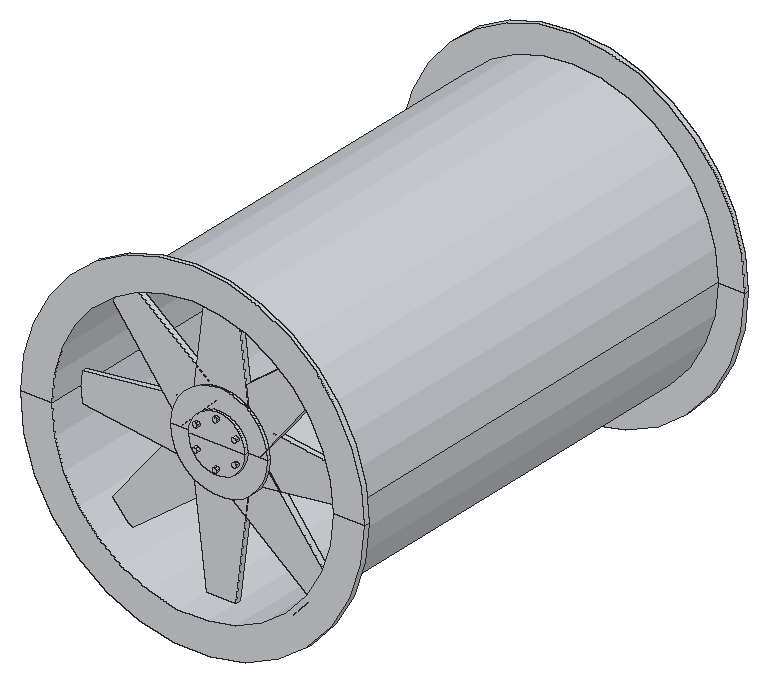
Revit family "CADS_Vent-Axia_MechEquip_Fan_BIFA_315_1Ph4P - EXTRACT", category Mechanical Equipment, Revit 2020
Family settings
  Round Connector Dimension = Use Diameter
  Part Type = Normal
  OmniClass Number = 23.75.00.00
  OmniClass Title = Climate Control (HVAC)
  Work Plane-Based = No
  Always vertical = Yes
  Cut with Voids When Loaded = No
  Shared = No
  Room Calculation Point = No
Parameters (values of type "BIFA311438")
  WorkingPressure = 0.0 Pa
  WarrantyStartDate [instance] = "1900-12-31T23:59:59"
  WarrantyPeriod = ""
  WarrantyIdentifier = "N/A"
  WarrantyGuarantorParts = "tech@vent-axia.com"
  WarrantyGuarantorLabor = "tech@vent-axia.com"
  WarrantyGuarantor = "Vent-Axia Limited"
  WarrantyEndDate [instance] = "1900-12-31T23:59:59"
  WarrantyContent = ""
  TemperatureRange = ""
  TagNumber [instance] = "N/A"
  SustainabilityPerformance = ""
  Status = "New"
  Size = ""
  Shape = ""
  ServiceLifeType = ""
  ServiceLifeDuration = ""
  SerialNumber [instance] = "N/A"
  ReplacementCost = ""
  RatedVoltage = 0 V
  RatedCurrent = 0 A
  Quantity = 1
  ProductionYear = ""
  PressureCurve = ""
  PowerFactor = ""
  PointOfContact = ""
  NumberOfPoles = 0
  NominalWidth = 315 mm
  NominalLength = 535 mm
  NominalHeight = 315 mm
  NominalFrequencyRange = ""
  NominalDiameter = 315 mm
  ModelReference = "BIF 315MM 1PH 4P 38DEG"
  ModelNumber = "BIFA311438"
  Material = ""
  ManufacturerE-Mail = "tech@vent-axia.com"
  ManufacturerAddress = "Fleming Way\nCrawley \nRH10 9YX"
  IsExtendedWarranty = no
  InsulationStandardClass = ""
  InstallationDate [instance] = "1900-12-31T23:59:59"
  IfcExportType [instance] = ""
  IfcExportAs = "IfcFanType"
  IP_Code = ""
  HasProtectiveEarth = no
  GrossWeight = 0.00 kg
  Grade = ""
  GlobalTradeItemNumber [instance] = "N/A"
  Fitting Type = "Ignore"
  Finish = ""
  Features = ""
  ExteriorInsulation = no
  ExpectedServiceLife = 0
  Exclusions = ""
  DurationUnit = "Year"
  Default Elevation = 0 mm
  Constituents = ""
  ConductorFunction = ""
  Color = ""
  CodePerformance = ""
  Category = ""
  CADS_Usage = 0
  CADS_Index = 0
  AssetType = "FIXED"
  AssetIdentifier [instance] = "N/A"
  AssemblyPlace = "UNKNOWN"
  ArticleNumber [instance] = "N/A"
  AirflowRateRange = 0.0 L/s
  Air Flow [instance] = 0.0 L/s
  AccessibilityPerformance = ""
Types (15, lengths in mm): name | ModelReference | ModelNumber
  BIFA311410 | "BIF 315MM 1PH 4P 10DEG" | "BIFA311410"
  BIFA311412 | "BIF 315MM 1PH 4P 12DEG" | "BIFA311412"
  BIFA311414 | "BIF 315MM 1PH 4P 14DEG" | "BIFA311414"
  BIFA311416 | "BIF 315MM 1PH 4P 16DEG" | "BIFA311416"
  BIFA311418 | "BIF 315MM 1PH 4P 18DEG" | "BIFA311418"
  BIFA311420 | "BIF 315MM 1PH 4P 20DEG" | "BIFA311420"
  BIFA311422 | "BIF 315MM 1PH 4P 22DEG" | "BIFA311422"
  BIFA311424 | "BIF 315MM 1PH 4P 24DEG" | "BIFA311424"
  BIFA311426 | "BIF 315MM 1PH 4P 26DEG" | "BIFA311426"
  BIFA311428 | "BIF 315MM 1PH 4P 28DEG" | "BIFA311428"
  BIFA311430 | "BIF 315MM 1PH 4P 30DEG" | "BIFA311430"
  BIFA311432 | "BIF 315MM 1PH 4P 32DEG" | "BIFA311432"
  BIFA311434 | "BIF 315MM 1PH 4P 34DEG" | "BIFA311434"
  BIFA311436 | "BIF 315MM 1PH 4P 36DEG" | "BIFA311436"
  BIFA311438 | "BIF 315MM 1PH 4P 38DEG" | "BIFA311438"
Reference planes
  plane 1 "Center (Front/Back)": y = 0
  plane 2: z = 0
  plane 3 "Center (Left/Right)": x = 0
  plane 4: x = -157.5
  plane 5: x = 157.5
  plane 6 "F": y = -267.5
  plane 7 "B": y = 267.5
  plane 8: x = -192.5
  plane 9: y = 262.5
  plane 10: y = -262.5
  plane 11: x = -162.5
  plane 12: y = -227.5
Forms (mm)
  Revolve 1, solid
    sketch origin (0, 0, 0) x (1, 0, 0) y (0, 1, 0)
      loop
        line (-192.5, -267.5) -> (-157.5, -267.5) -> (-157.5, 267.5) -> (-192.5, 267.5) -> (-192.5, 262.5) -> (-162.5, 262.5) -> (-162.5, -262.5) -> (-192.5, -262.5) -> (-192.5, -267.5)
      axis (0, 267.5) -> (0, -267.5)
    angle from 0 to 360
Dimensions and locks
  equal spacing: plane 4, plane 3 "Center (Left/Right)", plane 5
  equal spacing: plane 7 "B", plane 1 "Center (Front/Back)", plane 6 "F"
  "NominalLength": plane 7 "B" to plane 6 "F"
  "NominalDiameter": plane 4 to plane 5
  locked: plane 11 to plane 4 at 5
  locked: plane 8 to plane 11 at 30
  locked: plane 6 "F" to plane 10 at 5
  locked: plane 7 "B" to plane 9 at 5
  locked: plane 6 "F" to plane 12 at 40
  aligned and locked: level to plane 2
  aligned and locked: nested 1 to plane 12
Automatic sketch dimensions
  plane 6 "F" to Revolve 1 sketch curve = 0 mm
  Revolve 1 sketch curve to plane 8 = 0 mm  (x2)
  plane 10 to Revolve 1 sketch curve = 0 mm
  Revolve 1 sketch curve to plane 11 = 0 mm
  Revolve 1 sketch curve to plane 4 = 0 mm
  Revolve 1 sketch curve to plane 3 "Center (Left/Right)" = 0 mm
  plane 1 "Center (Front/Back)" to Revolve 1 sketch curve = 0 mm
  Revolve 1 sketch curve to plane 9 = 0 mm
  Revolve 1 sketch curve to plane 7 "B" = 0 mm
  plane 6 "F" to Revolve 1 sketch curve = 115 mm
Nested families
  nested 1: "Fan for BIFA" at (0, -227.5, 0), ND <- "NominalDiameter", type "Fan for BIFA"
    with hub 31.5 mm, ND 315 mm, BoltPCD 25.2 mm, Bolt Count 6, B_Diam 5 mm
  nested 2: "Bolts" at (21.824, -236.672, -12.6) x (-0.5, 0, -0.866) z (0, 1, 0), type "Bolts"
    with bd 5 mm
  nested 3: "Bolts" at (0, -236.672, -25.2) x (-1, 0, 0) z (0, 1, 0), type "Bolts"
    with bd 5 mm
  nested 4: "Bolts" at (-21.824, -236.672, -12.6) x (-0.5, 0, 0.866) z (0, 1, 0), type "Bolts"
    with bd 5 mm
  nested 5: "Bolts" at (-21.824, -236.672, 12.6) x (0.5, 0, 0.866) z (0, 1, 0), type "Bolts"
    with bd 5 mm
  nested 6: "Bolts" at (21.824, -236.672, 12.6) x (0.5, 0, -0.866) z (0, 1, 0), type "Bolts"
    with bd 5 mm
  nested 7: "Bolts" at (0, -236.672, 25.2) x (1, 0, 0) z (0, 1, 0), type "Bolts"
    with bd 5 mm
  nested 8: "BIFA Blade" at (0, -227.5, 0), type "BIFA Blade"
    with a 20.00°, HR 31.5 mm, HD 63 mm, BT 31.5 mm, BR 126 mm, BH 40 mm, BD 315 mm, BB 63 mm
  nested 9: "BIFA Blade" at (0, -227.5, 0) x (0.7071, 0, -0.7071) z (0.7071, 0, 0.7071), type "BIFA Blade"
    with a 20.00°, HR 31.5 mm, HD 63 mm, BT 31.5 mm, BR 126 mm, BH 40 mm, BD 315 mm, BB 63 mm
  nested 10: "BIFA Blade" at (0, -227.5, 0) x (0, 0, -1) z (1, 0, 0), type "BIFA Blade"
    with a 20.00°, HR 31.5 mm, HD 63 mm, BT 31.5 mm, BR 126 mm, BH 40 mm, BD 315 mm, BB 63 mm
  nested 11: "BIFA Blade" at (0, -227.5, 0) x (-0.7071, 0, -0.7071) z (0.7071, 0, -0.7071), type "BIFA Blade"
    with a 20.00°, HR 31.5 mm, HD 63 mm, BT 31.5 mm, BR 126 mm, BH 40 mm, BD 315 mm, BB 63 mm
  nested 12: "BIFA Blade" at (0, -227.5, 0) x (-1, 0, 0) z (0, 0, -1), type "BIFA Blade"
    with a 20.00°, HR 31.5 mm, HD 63 mm, BT 31.5 mm, BR 126 mm, BH 40 mm, BD 315 mm, BB 63 mm
  nested 13: "BIFA Blade" at (0, -227.5, 0) x (-0.7071, 0, -0.7071) z (-0.7071, 0, 0.7071), type "BIFA Blade"
    with a 20.00°, HR 31.5 mm, HD 63 mm, BT 31.5 mm, BR 126 mm, BH 40 mm, BD 315 mm, BB 63 mm
  nested 14: "BIFA Blade" at (0, -227.5, 0) x (0, 0, -1) z (-1, 0, 0), type "BIFA Blade"
    with a 20.00°, HR 31.5 mm, HD 63 mm, BT 31.5 mm, BR 126 mm, BH 40 mm, BD 315 mm, BB 63 mm
  nested 15: "BIFA Blade" at (0, -227.5, 0) x (0.7071, 0, -0.7071) z (-0.7071, 0, -0.7071), type "BIFA Blade"
    with a 20.00°, HR 31.5 mm, HD 63 mm, BT 31.5 mm, BR 126 mm, BH 40 mm, BD 315 mm, BB 63 mm
Connectors
  hvac at (0, -267.5, 0), driven by "NominalDiameter", driven by "Air Flow"
    settings: on Revolve 1, index 1, duct flow 0.0 L/s, flow factor 0, pres drop 0.0 Pa, loss coef 0, conn angle 0.00°, conn width 304.8 mm, conn height 304.8 mm, conn diameter 315 mm, duct sys type 2, conn prof type 0, flow config 0, flow direction 1, loss method 0, conn ref index -1, conn util no, is conn primary yes, conn desc ""
  hvac at (0, 267.5, 0), driven by "NominalDiameter", driven by "Air Flow"
    settings: on Revolve 1, index 2, duct flow 0.0 L/s, flow factor 0, pres drop 0.0 Pa, loss coef 0, conn angle 0.00°, conn width 304.8 mm, conn height 304.8 mm, conn diameter 315 mm, duct sys type 3, conn prof type 0, flow config 1, flow direction 2, loss method 0, conn ref index -1, conn util no, is conn primary no, conn desc ""
Definition of nested family "Fan for BIFA"
  Parameters (values of type "Fan for BIFA")
    hub [instance] = ND / 10  # 50 mm
    ND [instance] = 500 mm
    Model = "."
    Default Elevation = 0 mm
    BoltPCD [instance] = hub - (hub * 0.2)  # 40 mm
    Bolt Count [instance] = if(hub < 50 mm, 6, 8)  # 8
    B_Diam [instance] = if(hub < 50 mm, 5 mm, 10 mm)  # 10 mm
  Reference planes
    plane 1 "Center (Front/Back)": y = 0
    plane 2: z = 0
    plane 3 "Center (Left/Right)": x = 0
    plane 4 "back": y = 20
    plane 5 "bolts": y = -9.172
    plane 6 "B": z = 50
    plane 7: x = -72.587
    plane 8: x = -50
    plane 9 "hubface": y = -6.172
  Forms (mm)
    Revolve 1, solid
      sketch origin (0, 0, 0) x (1, 0, 0) y (0, 1, 0)
        loop
          line (0, 20) -> (-50, 20) -> (-50, 10.504) -> (-72.587, 10.504) -> (-72.587, -2.597) -> (-50, -2.597) -> (-50, -6.172) -> (0, -6.172) -> (0, 20)
        axis (0, 20) -> (0, -6.172)
      angle from 0 to 360
    Extrusion 2, solid, not visible
      sketch origin (0, -6.347, -4) x (-1, 0, 0) y (0, 0, 1)
        loop
          circle (0, 84) r 5
      from 0 to 3
  Lines and regions (mm)
    symbolic lines
      curve 1: circle (0, -9.172, 0) r 40 normal (0, 1, 0)
    model lines, not visible
      curve 2: line (0, -6.347, 85) -> (0, -6.347, 75)
  Dimensions and locks
    "hub": plane 6 "B" to plane 2
    "hub": nested 3 to plane 3 "Center (Left/Right)"
    "hub": nested 4 to plane 3 "Center (Left/Right)"
    "hub": nested 5 to plane 3 "Center (Left/Right)"
    "hub": plane 3 "Center (Left/Right)" to nested 6
    "hub": Revolve 1 sketch curve to Revolve 1 sketch curve
    "hub": plane 3 "Center (Left/Right)" to nested 7
    "hub": plane 3 "Center (Left/Right)" to nested 8
    "hub": plane 3 "Center (Left/Right)" to nested 9
    "hub": plane 8 to plane 3 "Center (Left/Right)"
    plane 7 to plane 8 = 22.587 mm
    diameter of Extrusion 2 sketch curve = 10 mm
    "BoltPCD": radius of curve 1
    "BoltPCD": radius of radial array
    aligned and locked: level to plane 2
    aligned and locked: plane 6 "B" to nested 1
  Automatic sketch dimensions
    Revolve 1 sketch curve to plane 7 = 0 mm
    Revolve 1 sketch curve to plane 8 = 0 mm  (x2)
    Revolve 1 sketch curve to plane 3 "Center (Left/Right)" = 0 mm
    Revolve 1 sketch curve to plane 9 "hubface" = 0 mm
    plane 4 "back" to Revolve 1 sketch curve = 0 mm
    plane 1 "Center (Front/Back)" to Revolve 1 sketch curve = 2.597 mm
    plane 4 "back" to Revolve 1 sketch curve = 9.496 mm
    plane 4 "back" to Revolve 1 sketch curve = 5 mm
    Revolve 1 sketch curve to Revolve 1 sketch curve = 45 mm
    curve 1 to level = 0 mm
    curve 1 to plane 3 "Center (Left/Right)" = 0 mm
  Nested families
    nested 1: "BIFA Blade" at (0, 0, 25), BD <- "ND", HD <- "hub", type "BIFA Blade"
      with a 20.00°, HR 25 mm, HD 50 mm, BT 25 mm, BR 100 mm, BH 40 mm, BD 250 mm, BB 50 mm
    nested 2: "BIFA Blade" at (0, 0, 55), BD <- "ND", HD <- "hub", type "BIFA Blade", not visible
      with a 20.00°, HR 25 mm, HD 50 mm, BT 25 mm, BR 100 mm, BH 40 mm, BD 250 mm, BB 50 mm
    nested 3: "BIFA Blade" at (17.678, 0, 17.678) x (0.7071, 0, -0.7071) z (0.7071, 0, 0.7071), BD <- "ND", HD <- "hub", type "BIFA Blade"
      with a 20.00°, HR 25 mm, HD 50 mm, BT 25 mm, BR 100 mm, BH 40 mm, BD 250 mm, BB 50 mm
    nested 4: "BIFA Blade" at (25, 0, 0) x (0, 0, -1) z (1, 0, 0), BD <- "ND", HD <- "hub", type "BIFA Blade"
      with a 20.00°, HR 25 mm, HD 50 mm, BT 25 mm, BR 100 mm, BH 40 mm, BD 250 mm, BB 50 mm
    nested 5: "BIFA Blade" at (17.678, 0, -17.678) x (-0.7071, 0, -0.7071) z (0.7071, 0, -0.7071), BD <- "ND", HD <- "hub", type "BIFA Blade"
      with a 20.00°, HR 25 mm, HD 50 mm, BT 25 mm, BR 100 mm, BH 40 mm, BD 250 mm, BB 50 mm
    nested 6: "BIFA Blade" at (0, 0, -25) x (-1, 0, 0) z (0, 0, -1), BD <- "ND", HD <- "hub", type "BIFA Blade"
      with a 20.00°, HR 25 mm, HD 50 mm, BT 25 mm, BR 100 mm, BH 40 mm, BD 250 mm, BB 50 mm
    nested 7: "BIFA Blade" at (-17.678, 0, 17.678) x (-0.7071, 0, -0.7071) z (-0.7071, 0, 0.7071), BD <- "ND", HD <- "hub", type "BIFA Blade"
      with a 20.00°, HR 25 mm, HD 50 mm, BT 25 mm, BR 100 mm, BH 40 mm, BD 250 mm, BB 50 mm
    nested 8: "BIFA Blade" at (-25, 0, 0) x (0, 0, -1) z (-1, 0, 0), BD <- "ND", HD <- "hub", type "BIFA Blade"
      with a 20.00°, HR 25 mm, HD 50 mm, BT 25 mm, BR 100 mm, BH 40 mm, BD 250 mm, BB 50 mm
    nested 9: "BIFA Blade" at (-17.678, 0, -17.678) x (0.7071, 0, -0.7071) z (-0.7071, 0, -0.7071), BD <- "ND", HD <- "hub", type "BIFA Blade"
      with a 20.00°, HR 25 mm, HD 50 mm, BT 25 mm, BR 100 mm, BH 40 mm, BD 250 mm, BB 50 mm
    nested 10: "Bolts" at (0, -9.172, 40) x (1, 0, 0) z (0, 1, 0), bd <- "B_Diam", type "Bolts"
      with bd 10 mm
    nested 11: "Bolts" at (28.284, -9.172, 28.284) x (0.7071, 0, -0.7071) z (0, 1, 0), bd <- "B_Diam", type "Bolts"
      with bd 10 mm
    nested 12: "Bolts" at (-28.284, -9.172, 28.284) x (0.7071, 0, 0.7071) z (0, 1, 0), bd <- "B_Diam", type "Bolts"
      with bd 10 mm
    nested 13: "Bolts" at (-40, -9.172, 0) x (0, 0, 1) z (0, 1, 0), bd <- "B_Diam", type "Bolts"
      with bd 10 mm
    nested 14: "Bolts" at (-28.284, -9.172, -28.284) x (-0.7071, 0, 0.7071) z (0, 1, 0), bd <- "B_Diam", type "Bolts"
      with bd 10 mm
    nested 15: "Bolts" at (0, -9.172, -40) x (-1, 0, 0) z (0, 1, 0), bd <- "B_Diam", type "Bolts"
      with bd 10 mm
    nested 16: "Bolts" at (28.284, -9.172, -28.284) x (-0.7071, 0, -0.7071) z (0, 1, 0), bd <- "B_Diam", type "Bolts"
      with bd 10 mm
    nested 17: "Bolts" at (40, -9.172, 0) x (0, 0, -1) z (0, 1, 0), bd <- "B_Diam", type "Bolts"
      with bd 10 mm
  Definition of nested family "BIFA Blade"
    Parameters (values of type "BIFA Blade")
      a [instance] = 20.00°
      HR [instance] = HD / 2  # 30 mm
      HD [instance] = BD / 5  # 60 mm
      Default Elevation = 1219.2 mm
      BT [instance] = BD / 10  # 30 mm
      BR [instance] = (BD / 2) - HR  # 120 mm
      BH [instance] = 40 mm
      BD [instance] = 300 mm
      BB [instance] = BD / 5  # 60 mm
    Reference planes
      plane 1 "Center (Front/Back)": y = 0
      plane 2: z = 0
      plane 3 "Center (Left/Right)": x = 0
      plane 4 "Blade Bot": z = 30
      plane 5: x = -30
      plane 6: x = 30
      plane 7: x = -15
      plane 8: x = 15
    Forms (mm)
      Blend 1, solid
        base sketch origin (0, 0, 30) x (-1, 0, 0) y (0, -1, 0)
          loop
            line (30, 0) -> (-30, 0) -> (-30, -6) -> (30, -6) -> (30, 0)
        top sketch origin (0, 0, 30) x (-1, 0, 0) y (0, -1, 0)
          loop
            line (15, -6) -> (15, 0) -> (-15, 0) -> (-15, -6) -> (15, -6)
        from 0 to 120 <- "BR"
    Dimensions and locks
      "HR": plane 4 "Blade Bot" to level
      equal spacing: plane 8, plane 3 "Center (Left/Right)", plane 7
      "BT": plane 8 to plane 7
      equal spacing: plane 6, plane 3 "Center (Left/Right)", plane 5
      "BB": plane 6 to plane 5
      aligned and locked: level to plane 2
    Automatic sketch dimensions
      plane 1 "Center (Front/Back)" to Blend 1 sketch curve = 0 mm  (x2)
      Blend 1 sketch curve to plane 6 = 0 mm
      Blend 1 sketch curve to plane 5 = 0 mm
      Blend 1 sketch curve to plane 1 "Center (Front/Back)" = 6 mm  (x2)
      Blend 1 sketch curve to plane 8 = 0 mm
      Blend 1 sketch curve to plane 7 = 0 mm
  Definition of nested family "Bolts"
    Parameters
      bd [instance] = 10 mm
      Default Elevation = 1219.2 mm
    Reference planes
      plane 1 "Center (Front/Back)": y = 0
      plane 2: z = 0
      plane 3 "Center (Left/Right)": x = 0
    Forms (mm)
      Extrusion 1, solid
        sketch origin (0, 0, 0) x (1, 0, 0) y (0, 1, 0)
          loop
            line (-1219.2, 1219.2) -> (-1219.2, -1219.2) -> (1219.2, -1219.2) -> (1219.2, 1219.2) -> (-1219.2, 1219.2)
        from 0 to -304.8
      Extrusion 2, solid
        sketch origin (0, 0, 0) x (1, 0, 0) y (0, 1, 0)
          loop
            circle (0, 0) r 5
        from 0 to 3
    Dimensions and locks
      "bd": diameter of Extrusion 2 sketch curve
      aligned and locked: plane 2 to Extrusion 1
      aligned and locked: level to Extrusion 1
    Automatic sketch dimensions
      Extrusion 1 sketch curve to Extrusion 1 sketch curve = 2438.4 mm  (x2)
      plane 1 "Center (Front/Back)" to Extrusion 2 sketch curve = 0 mm
      Extrusion 2 sketch curve to plane 3 "Center (Left/Right)" = 0 mm
Definition of nested family "Bolts"
  Parameters
    bd [instance] = 10 mm
    Default Elevation = 1219.2 mm
  Reference planes
    plane 1 "Center (Front/Back)": y = 0
    plane 2: z = 0
    plane 3 "Center (Left/Right)": x = 0
  Forms (mm)
    Extrusion 1, solid
      sketch origin (0, 0, 0) x (1, 0, 0) y (0, 1, 0)
        loop
          line (-1219.2, 1219.2) -> (-1219.2, -1219.2) -> (1219.2, -1219.2) -> (1219.2, 1219.2) -> (-1219.2, 1219.2)
      from 0 to -304.8
    Extrusion 2, solid
      sketch origin (0, 0, 0) x (1, 0, 0) y (0, 1, 0)
        loop
          circle (0, 0) r 5
      from 0 to 3
  Dimensions and locks
    "bd": diameter of Extrusion 2 sketch curve
    aligned and locked: plane 2 to Extrusion 1
    aligned and locked: level to Extrusion 1
  Automatic sketch dimensions
    Extrusion 1 sketch curve to Extrusion 1 sketch curve = 2438.4 mm  (x2)
    plane 1 "Center (Front/Back)" to Extrusion 2 sketch curve = 0 mm
    Extrusion 2 sketch curve to plane 3 "Center (Left/Right)" = 0 mm
Definition of nested family "BIFA Blade"
  Parameters (values of type "BIFA Blade")
    a [instance] = 20.00°
    HR [instance] = HD / 2  # 30 mm
    HD [instance] = BD / 5  # 60 mm
    Default Elevation = 1219.2 mm
    BT [instance] = BD / 10  # 30 mm
    BR [instance] = (BD / 2) - HR  # 120 mm
    BH [instance] = 40 mm
    BD [instance] = 300 mm
    BB [instance] = BD / 5  # 60 mm
  Reference planes
    plane 1 "Center (Front/Back)": y = 0
    plane 2: z = 0
    plane 3 "Center (Left/Right)": x = 0
    plane 4 "Blade Bot": z = 30
    plane 5: x = -30
    plane 6: x = 30
    plane 7: x = -15
    plane 8: x = 15
  Forms (mm)
    Blend 1, solid
      base sketch origin (0, 0, 30) x (-1, 0, 0) y (0, -1, 0)
        loop
          line (30, 0) -> (-30, 0) -> (-30, -6) -> (30, -6) -> (30, 0)
      top sketch origin (0, 0, 30) x (-1, 0, 0) y (0, -1, 0)
        loop
          line (15, -6) -> (15, 0) -> (-15, 0) -> (-15, -6) -> (15, -6)
      from 0 to 120 <- "BR"
  Dimensions and locks
    "HR": plane 4 "Blade Bot" to level
    equal spacing: plane 8, plane 3 "Center (Left/Right)", plane 7
    "BT": plane 8 to plane 7
    equal spacing: plane 6, plane 3 "Center (Left/Right)", plane 5
    "BB": plane 6 to plane 5
    aligned and locked: level to plane 2
  Automatic sketch dimensions
    plane 1 "Center (Front/Back)" to Blend 1 sketch curve = 0 mm  (x2)
    Blend 1 sketch curve to plane 6 = 0 mm
    Blend 1 sketch curve to plane 5 = 0 mm
    Blend 1 sketch curve to plane 1 "Center (Front/Back)" = 6 mm  (x2)
    Blend 1 sketch curve to plane 8 = 0 mm
    Blend 1 sketch curve to plane 7 = 0 mm
